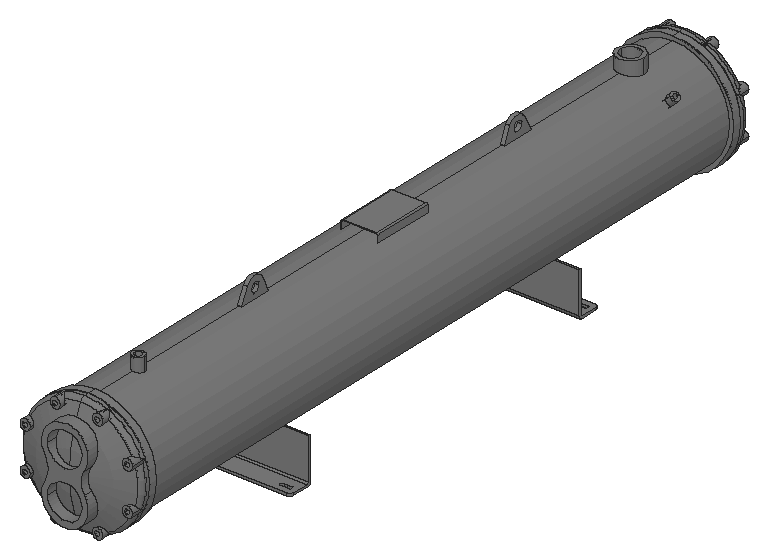
Revit family "MIT-BC_360_4P", category Specialty Equipment, Revit 2022
Family settings
  Round Connector Dimension = Use Radius
  Part Type = Normal
  Work Plane-Based = No
  Always vertical = Yes
  Cut with Voids When Loaded = No
  Maintain Annotation Orientation = No
  Shared = No
  Room Calculation Point = No
Parameters
  URL = "https://en.ekinendustriyel.com/evaporators-and-condensers"
  Test Pressure = 64.35 bar
  Production Standard = "TS EN 13831"
  Operating Pressure = 45.0 bar
  Model = "MIT-BC 360_4P"
  Manufacturer = "Ekin Endüstriyel"
  Keynote = "Condensers"
  Description = "MIT- Condensers"
  Default Elevation = 0 mm
Reference planes
  plane 1 "Center (Front/Back)": y = 0
  plane 2: z = 0
  plane 3 "Center (Left/Right)": x = 0
Forms (mm)
  Extrusion 1, solid, material "Ekin Endustriyel-S235JR", detail levels medium+fine
    sketch origin (0, 0, 0) x (1, 0, 0) y (0, 0, 1)
      loop
        circle (0, 216.5) r 136.55
    from -880 to 880
  Extrusion 2, solid, material "Ekin Endustriyel-S235JR", detail levels fine
    sketch origin (0, 0, 109.887) x (1, 0, 0) y (0, 0, 1)
      loop
        line (-45, 235.88) -> (-44, 235.88) -> (-44, 252.88)
        arc (-44, 252.88) -> (-43.414, 254.294) -> (-42, 254.88) r 2
        line (-42, 254.88) -> (42, 254.88)
        arc (42, 254.88) -> (43.414, 254.294) -> (44, 252.88) r 2
        line (44, 252.88) -> (44, 235.88) -> (45, 235.88) -> (45, 252.88)
        arc (45, 252.88) -> (44.121, 255.002) -> (42, 255.88) r 3
        line (42, 255.88) -> (-42, 255.88)
        arc (-42, 255.88) -> (-44.121, 255.002) -> (-45, 252.88) r 3
        line (-45, 252.88) -> (-45, 235.88)
    from -75 to 75
  Extrusion 3, solid, material "Ekin Endustriyel-S235JR", detail levels fine
    sketch origin (0, 500.19, 28.671) x (1, 0, 0) y (0, 1, 0)
      loop
        circle (0, 249.81) r 32.5
      loop
        circle (0, 249.81) r 23.144
    from 354.329 to 306.293
  Extrusion 4, solid, material "Ekin Endustriyel-S235JR", detail levels fine
    sketch origin (0, -499.666, 25.55) x (1, 0, 0) y (0, 1, 0)
      loop
        circle (0, -250.334) r 15
      loop
        circle (0, -250.334) r 8.928
    from 357.653 to 211.07
  Extrusion 5, solid, material "Ekin Endustriyel-S235JR", detail levels fine
    sketch origin (71.72, 749.856, 264.541) x (0, 1, 0) y (-0.707107, 0, 0.707107)
      loop
        circle (0.144, 16.744) r 11
      loop
        circle (0.144, 16.744) r 6.244
    from 69.372 to -32.02
  Extrusion 6, solid, material "Ekin Endustriyel-S235JR", detail levels fine
    sketch origin (0, -500.291, 0) x (1, 0, 0) y (0, 1, 0)
      loop
        circle (0, -249.709) r 25
      loop
        circle (0, -249.709) r 20.109
    from 50 to 169.15
  Extrusion 7, solid, material "Ekin Endustriyel-S235JR", detail levels coarse
    sketch origin (0, 0, 12.15) x (1, 0, 0) y (0, 0, 1)
      loop
        circle (0, 204.35) r 147.5
    from -953 to 963
  Extrusion 8, solid, material "Ekin Endustriyel-S235JR"
    sketch origin (0, -275.334, 0) x (0, -1, 0) y (0, 0, -1)
      loop
        line (134.666, -9) -> (134.666, -110) -> (139.666, -110) -> (139.666, -9)
        arc (139.666, -9) -> (140.837, -6.172) -> (143.666, -5) r 4
        line (143.666, -5) -> (194.666, -5) -> (194.666, 0) -> (143.666, 0)
        arc (143.666, 0) -> (137.302, -2.636) -> (134.666, -9) r 9
    from -147.5 to 147.5
  Extrusion 9, void
    sketch origin (0, -470, 5) x (0, 1, 0) y (-1, 0, 0)
      loop
        arc (25.25, -111) -> (20, -105.75) -> (14.75, -111) r 5.25
        line (14.75, -111) -> (14.75, -131)
        arc (14.75, -131) -> (20, -136.25) -> (25.25, -131) r 5.25
        line (25.25, -131) -> (25.25, -111)
      loop
        arc (10, -147.5) -> (2.929, -144.571) -> (0, -137.5) r 10
        line (0, -137.5) -> (0, 137.5)
        arc (0, 137.5) -> (2.929, 144.571) -> (10, 147.5) r 10
        line (10, 147.5) -> (-10, 147.5) -> (-10, -147.5) -> (10, -147.5)
      loop
        line (14.75, 131) -> (14.75, 111)
        arc (14.75, 111) -> (20, 105.75) -> (25.25, 111) r 5.25
        line (25.25, 111) -> (25.25, 131)
        arc (25.25, 131) -> (20, 136.25) -> (14.75, 131) r 5.25
    from -5 to 0
  Extrusion 10, solid, material "Ekin Endustriyel-S235JR", detail levels medium+fine
    sketch origin (40, -549.666, 12.133) x (1, 0, 0) y (0, 0, 1)
      loop
        circle (-40, 261.867) r 42.65
      loop
        circle (-40, 146.867) r 42.65
      loop
        arc (7.514, 231.018) -> (-40, 318.517) -> (-87.514, 231.018) r 56.65
        arc (-87.514, 231.018) -> (-80.172, 204.367) -> (-87.514, 177.716) r 52.041
        arc (-87.514, 177.716) -> (-40, 90.217) -> (7.514, 177.716) r 56.65
        arc (7.514, 177.716) -> (0.172, 204.367) -> (7.514, 231.018) r 52.041
    from 390.526 to 423.361
  Extrusion 11, solid, material "Ekin Endustriyel-S235JR", detail levels medium+fine
    sketch origin (0, -549.666, 12.133) x (1, 0, 0) y (0, 0, -1)
      loop
        circle (-51.638, -329.097) r 12.5
      loop
        circle (-51.662, -329.09) r 6.25
      loop
        circle (51.638, -329.097) r 12.5
      loop
        circle (51.662, -329.09) r 6.25
      loop
        circle (-51.638, -79.637) r 12.5
      loop
        circle (-51.662, -79.643) r 6.25
      loop
        circle (51.638, -79.637) r 12.5
      loop
        circle (51.662, -79.643) r 6.25
      loop
        circle (-124.73, -152.728) r 12.5
      loop
        circle (-124.724, -152.704) r 6.25
      loop
        circle (-124.73, -256.005) r 12.5
      loop
        circle (-124.724, -256.029) r 6.25
      loop
        circle (124.73, -152.728) r 12.5
      loop
        circle (124.724, -152.704) r 6.25
      loop
        circle (124.73, -256.005) r 12.5
      loop
        circle (124.724, -256.029) r 6.25
    from -388.334 to -355.334
  Extrusion 12, solid, material "Ekin Endustriyel-S235JR", detail levels fine
    sketch origin (0, -0.334, 79.238) x (0, -1, 0) y (0, 0, -1)
      loop
        line (-440.334, -273.721) -> (-422.806, -309.676)
        arc (-422.806, -309.676) -> (-400.334, -323.721) -> (-377.863, -309.676) r 25
        line (-377.863, -309.676) -> (-360.334, -273.721) -> (-440.334, -273.721)
      loop
        circle (-400.334, -298.721) r 12.5
      loop
        line (439.666, -273.721) -> (359.666, -273.721) -> (377.194, -309.676)
        arc (377.194, -309.676) -> (399.666, -323.721) -> (422.137, -309.676) r 25
        line (422.137, -309.676) -> (439.666, -273.721)
      loop
        circle (399.666, -298.721) r 12.5
    from -5 to 5
  Extrusion 13, solid, material "Ekin Endustriyel-S235JR", detail levels medium+fine
    sketch origin (0, -549.666, 12.133) x (1, 0, 0) y (0, 0, 1)
      loop
        circle (0, 204.367) r 147.5
    from 330.334 to 350.334
  Revolve 14, solid, material "Ekin Endustriyel-S235JR", detail levels medium+fine
    sketch origin (0, -549.666, 12.133) x (0, 1, 0) y (0, 0, 1)
      loop
        line (-350.334, 351.867) -> (-361.403, 351.867)
        arc (-361.403, 351.867) -> (-369.114, 349.693) -> (-374.553, 343.811) r 14.761
        arc (-374.553, 343.811) -> (-399.668, 276.073) -> (-408.463, 204.367) r 310.769
        line (-408.463, 204.367) -> (-350.334, 204.367) -> (-350.334, 351.867)
      axis (-350.334, 204.367) -> (-408.463, 204.367)
    angle from 0 to 360
  Extrusion 15, solid, material "Ekin Endustriyel-S235JR"
    sketch origin (0, 275.334, 0) x (0, 1, 0) y (0, 0, 1)
      loop
        arc (134.666, 9) -> (137.302, 2.636) -> (143.666, 0) r 9
        line (143.666, 0) -> (194.666, 0) -> (194.666, 5) -> (143.666, 5)
        arc (143.666, 5) -> (140.837, 6.172) -> (139.666, 9) r 4
        line (139.666, 9) -> (139.666, 110) -> (134.666, 110) -> (134.666, 9)
    from -147.5 to 147.5
  Extrusion 16, void
    sketch origin (0, 470, 5) x (0, -1, 0) y (1, 0, 0)
      loop
        line (25.25, 111) -> (25.25, 131)
        arc (25.25, 131) -> (20, 136.25) -> (14.75, 131) r 5.25
        line (14.75, 131) -> (14.75, 111)
        arc (14.75, 111) -> (20, 105.75) -> (25.25, 111) r 5.25
      loop
        line (10, 147.5) -> (-10, 147.5) -> (-10, -147.5) -> (10, -147.5)
        arc (10, -147.5) -> (2.929, -144.571) -> (0, -137.5) r 10
        line (0, -137.5) -> (0, 137.5)
        arc (0, 137.5) -> (2.929, 144.571) -> (10, 147.5) r 10
      loop
        arc (14.75, -131) -> (20, -136.25) -> (25.25, -131) r 5.25
        line (25.25, -131) -> (25.25, -111)
        arc (25.25, -111) -> (20, -105.75) -> (14.75, -111) r 5.25
        line (14.75, -111) -> (14.75, -131)
    from -5 to 0
  Extrusion 17, solid, material "Ekin Endustriyel-S235JR", detail levels medium+fine
    sketch origin (0, 549.666, 12.133) x (1, 0, 0) y (0, 0, 1)
      loop
        circle (-51.638, 329.097) r 12.5
      loop
        circle (-51.662, 329.09) r 6.25
      loop
        circle (51.638, 329.097) r 12.5
      loop
        circle (51.662, 329.09) r 6.25
      loop
        circle (-51.638, 79.637) r 12.5
      loop
        circle (-51.662, 79.643) r 6.25
      loop
        circle (51.638, 79.637) r 12.5
      loop
        circle (51.662, 79.643) r 6.25
      loop
        circle (-124.73, 152.728) r 12.5
      loop
        circle (-124.724, 152.704) r 6.25
      loop
        circle (-124.73, 256.005) r 12.5
      loop
        circle (-124.724, 256.029) r 6.25
      loop
        circle (124.73, 152.728) r 12.5
      loop
        circle (124.724, 152.704) r 6.25
      loop
        circle (124.73, 256.005) r 12.5
      loop
        circle (124.724, 256.029) r 6.25
    from -388.334 to -355.334
  Extrusion 18, solid, material "Ekin Endustriyel-S235JR", detail levels medium+fine
    sketch origin (0, 549.666, 12.133) x (1, 0, 0) y (0, 0, -1)
      loop
        circle (0, -204.367) r 147.5
    from 330.334 to 350.334
  Revolve 19, solid, material "Ekin Endustriyel-S235JR", detail levels medium+fine
    sketch origin (0, 549.666, 12.133) x (0, -1, 0) y (0, 0, -1)
      loop
        line (-350.334, -351.867) -> (-350.334, -204.367) -> (-408.463, -204.367)
        arc (-408.463, -204.367) -> (-399.668, -276.073) -> (-374.553, -343.811) r 310.769
        arc (-374.553, -343.811) -> (-369.114, -349.693) -> (-361.403, -351.867) r 14.761
        line (-361.403, -351.867) -> (-350.334, -351.867)
      axis (-350.334, -204.367) -> (-408.463, -204.367)
    angle from 0 to 360
Cuts and joins
  Extrusion 9, Extrusion 16 cuts Extrusion 8
  Extrusion 16 cuts Extrusion 15
Dimensions and locks
  aligned and locked: level to plane 2
Connectors
  piping at (0, -973.026, 274), diameter 76.2
    settings: on Extrusion 10, index 1, connector inside diameter 609.6 mm, connector length 0 mm, flow factor 0, pipe flow 0.0 L/s, pressure drop 0.0 Pa, fitting loss kfactor 0, connector angle 0.00°, fixture units 0, engagement length 0 mm, angle of deflection 0.00°, flow configuration 0, flow direction 1, fitting loss method 0, system type 7, joint type 0, gender type 0, connector reference index -1, connector utility 0, adjustable connector no, is connector primary yes, connector description ""
  piping at (0, -973.026, 159), diameter 76.2
    settings: on Extrusion 10, index 2, connector inside diameter 609.6 mm, connector length 0 mm, flow factor 0, pipe flow 0.0 L/s, pressure drop 0.0 Pa, fitting loss kfactor 0, connector angle 0.00°, fixture units 0, engagement length 0 mm, angle of deflection 0.00°, flow configuration 0, flow direction 2, fitting loss method 0, system type 7, joint type 0, gender type 0, connector reference index -1, connector utility 0, adjustable connector no, is connector primary no, connector description ""
  hvac at (0, 750, 383)
    settings: on Extrusion 3, index 3, duct flow 0.0 L/s, flow factor 0, pres drop 0.0 bar, loss coef 0, conn angle 0.00°, conn width 304.8 mm, conn height 304.8 mm, conn diameter 54 mm, duct sys type 3, conn prof type 0, flow config 0, flow direction 0, loss method 0, conn ref index -1, conn util no, is conn primary yes, conn desc ""
  hvac at (0, -750, 50)
    settings: on Extrusion 6, index 4, duct flow 0.0 L/s, flow factor 0, pres drop 0.0 bar, loss coef 0, conn angle 0.00°, conn width 304.8 mm, conn height 304.8 mm, conn diameter 42 mm, duct sys type 3, conn prof type 0, flow config 0, flow direction 0, loss method 0, conn ref index -1, conn util no, is conn primary no, conn desc ""
